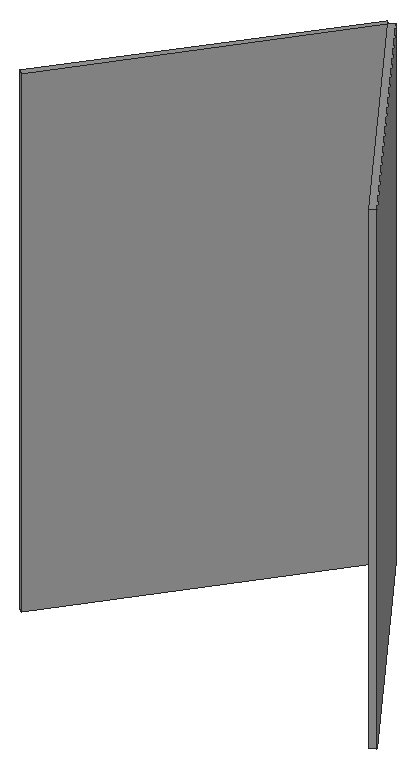
Revit family "EA_curtain_panel_solid", category Curtain Panels, Revit 2014
Parameters
  Opening [instance] = 0.6
  Length [instance] = DoubleLenght / 2  # 1600 mm
  Height [instance] = 2600 mm
  DoubleLenght [instance] = 3200 mm
  Distance [instance] = if(Opening * DoubleLenght < Depth * 2 + 50 mm, Depth * 2 + 50 mm, Opening * DoubleLenght)  # 1920 mm
  Depth = 30 mm
  Angle [instance] = 2 * (atan((2 * Length - sqrt(-(Distance ^ 2) + 4 * (Length ^ 2) + 4 * (Depth ^ 2))) / (Distance + 2 * Depth)))  # 35.7882°
  Analytic Construction = "<None>"
Reference planes
  plane 1 "Center (Front/Back)": y = 0
  plane 2: z = 0
  plane 3 "Center (Left/Right)": x = 0
  plane 4 "Left": x = -1600
  plane 5 "Right": x = 1600
  plane 6 "Top": z = 2600
  plane 7: x = 320
Lines and regions (mm)
  reference lines
    curve 1: line (1307.544, 0, 2407.641) -> (1307.544, 0, -792.359)
    curve 2: line (-2897.895, 935.664, 0) -> (-1600, 0, 0)
    curve 3: line (-1600, 0, 0) -> (-68.239, 2124.763, 0)
    curve 4: line (1617.895, 935.664, 0) -> (320, 0, 0)
    curve 5: line (320, 0, 0) -> (-1025.018, 1865.724, 0)
Text (mm)
  text "Exterior" at (-2351.972, 1416.179, 0), in view "Ref. Level"
  text "Exterior" at (0, 2290.741, 4406.713), in view "Left"
  text "Exterior" at (0, 1328.187, 4120.349), in view "Right"
Dimensions and locks
  equal spacing: plane 4 "Left", plane 3 "Center (Left/Right)", plane 5 "Right"
  "DoubleLenght": plane 4 "Left" to plane 5 "Right"
  "Distance": plane 4 "Left" to plane 7
  "Height": plane 2 to plane 6 "Top"
  "Angle": angle plane 7 to curve 5
  "Angle": angle curve 3 to plane 4 "Left"
  aligned and locked: level to plane 2
  aligned and locked: plane 7 to curve 5
  aligned and locked: curve 5 to plane 2
  aligned and locked: plane 2 to curve 3
  aligned and locked: plane 2 to nested 1
  aligned and locked: nested 2 to plane 2
Automatic sketch dimensions
  plane 5 "Right" to curve 1 = 292.456 mm
  curve 1 to level = 792.359 mm
  plane 6 "Top" to curve 1 = 192.359 mm
  curve 2 to curve 3 = 0 mm  (x2)
  curve 3 to curve 2 = 1600 mm
  curve 4 to curve 5 = 0 mm  (x2)
  curve 4 to curve 5 = 1600 mm
  plane 1 "Center (Front/Back)" to curve 3 = 0 mm
  curve 3 to plane 4 "Left" = 0 mm
  plane 1 "Center (Front/Back)" to curve 5 = 0 mm
Nested families
  nested 1: "pannello" at (-1600, 0, 0) x (0.5848, 0.8112, 0) z (0, 0, 1), Height <- "Height", type "pannello"
    with Height 2600 mm
  nested 2: "pannello" at (320, 0, 0) x (-0.5848, 0.8112, 0) z (0, 0, 1), Height <- "Height", type "pannello"
    with Height 2600 mm
Definition of nested family "pannello"
  Parameters (values of type "pannello")
    Panel material = EA_Microperfored panel
    Lenght = 1600 mm
    Height [instance] = 3500 mm
    Depth = 30 mm
    Default Elevation = 1219.2 mm
  Reference planes
    plane 1 "Center (Front/Back)": y = 0
    plane 2: z = 0
    plane 3 "Center (Left/Right)": x = 0
    plane 4: z = 3500
  Forms (mm)
    Extrusion 1, solid, material "EA_Microperfored panel" <- "Panel material"
      sketch origin (0, 0, 0) x (1, 0, 0) y (0, 1, 0)
        loop
          line (0, 0) -> (1600, 0) -> (1600, 30) -> (0, 30) -> (0, 0)
      from 0 to 3500
  Dimensions and locks
    "Depth": Extrusion 1 sketch curve to Extrusion 1 sketch curve
    "Lenght": Extrusion 1 sketch curve to Extrusion 1 sketch curve
    "Height": plane 4 to plane 2
    aligned and locked: level to plane 2
    aligned and locked: plane 4 to Extrusion 1
    aligned and locked: Extrusion 1 to plane 3 "Center (Left/Right)"
    aligned and locked: plane 1 "Center (Front/Back)" to Extrusion 1
  Automatic sketch dimensions
    Extrusion 1 sketch curve to plane 3 "Center (Left/Right)" = 0 mm
    plane 1 "Center (Front/Back)" to Extrusion 1 sketch curve = 0 mm
